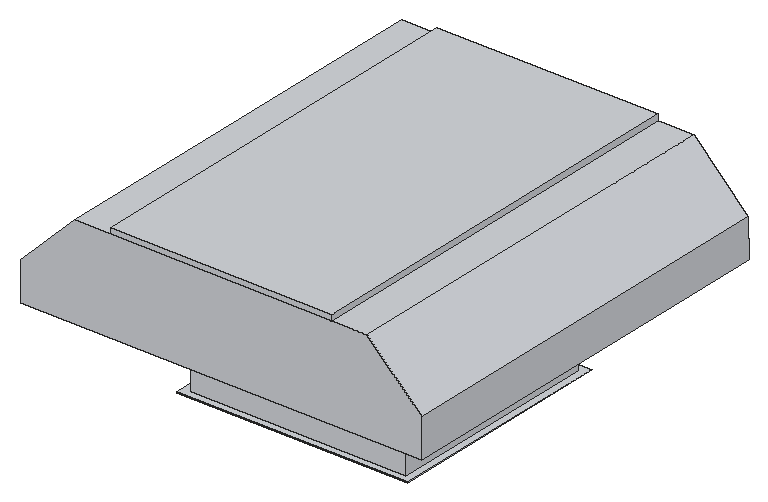
Revit family "HXFM", category Mechanical Equipment, Revit 2019
Family settings
  Round Connector Dimension = Use Diameter
  Part Type = Normal
  OmniClass Number = 23.75.35.17
  OmniClass Title = Fans
  Work Plane-Based = No
  Always vertical = Yes
  Cut with Voids When Loaded = No
  Shared = No
  Room Calculation Point = No
Parameters (values of type "48-HXFM")
  Unit Weight [instance] = ""
  Type_Mark [instance] = ""
  Sones [instance] = ""
  RO/2 = RO / 2  # 27 3/4"
  Motor RPM [instance] = ""
  Motor Enclosure [instance] = ""
  ModelID [instance] = ""
  LwA [instance] = ""
  W/2 = W / 2  # 54 1/2"
  L/2 = L / 2  # 55 1/2"
  RO = T_SQ - 4 1/2"  # 55 1/2"
  T_SQ/2 = T_SQ / 2  # 30"
  Fan RPM [instance] = ""
  T_SQ = 60"
  W = 109"
  L = 111"
  CURB_HEIGHT [instance] = 9 1/2"
  CURB [instance] = yes
  C/2 = C / 2  # 7 3/8"
  C = 14 3/4"
  Brake Hp [instance] = ""
  B/2 = B / 2  # 1 1/2"
  B-.125" = B - 1/8"  # 2 7/8"
  Accessories [instance] = ""
  A-C = A - C  # 29 3/4"
  B = 3"
  A/2 = A / 2  # 22 1/4"
  A-1.5" = A - 1 1/2"  # 43"
  A = 44 1/2"
  4" = 4"  # constant formula
  2' = 24"
  2" = 2"  # constant formula
  1" = 1"  # constant formula
  0 = 0"  # constant formula
  Voltage [instance] = 0 V
  URL = "www.lorencook.com"
  Type Comments = "Hooded Filtered Supply Ventilator Medium-Pressure Steel Propeller Roof Mounted/Belt Drive"  # constant formula
  Static Pressure [instance] = 0.00 in-wg
  Power [instance] = Voltage * Motor FLA * sqrt(if(Phase = 3, 3, 1))  # 0 VA
  Phase [instance] = 0
  Number of Poles [instance] = 1
  Motor Hp [instance] = "0"
  Motor FLA [instance] = 0 A
  Model = "HXFM"  # constant formula
  Manufacturer = "Loren Cook Company"
  CFM [instance] = 0 CFM
  1.5 = 1 1/2"  # constant formula
  ONE EIGTH = 1/8"  # constant formula
  -L/2 = -L / 2  # -55 1/2"
  -(C/2) = -(C / 2)  # -7 3/8"
  -(A/2) = -(A / 2)  # -22 1/4"
  (T_SQ/2)-2" = (T_SQ / 2) - 2"  # 28"
  (T_SQ/2)+.125" = (T_SQ / 2) + 1/8"  # 30 1/8"
  (A-C)/2 = (A - C) / 2  # 14 7/8"
Types (9): name | RO/2 | W/2 | L/2 | RO | T_SQ/2 | T_SQ | W | L | C/2 | C | B/2 | B-.125" | A-C | B | A/2 | A-1.5" | A | -L/2 | -(C/2) | -(A/2) | (T_SQ/2)-2" | (T_SQ/2)+.125" | (A-C)/2
  (no name) | 27 3/4" | 54 1/2" | 55 1/2" | 55 1/2" | 30" | 60" | 109" | 111" | 7 3/8" | 14 3/4" | 1 1/2" | 2 7/8" | 29 3/4" | 3" | 22 1/4" | 43" | 44 1/2" | -55 1/2" | -7 3/8" | -22 1/4" | 28" | 30 1/8" | 14 7/8"
  20-HXFM | 13 3/4" | 29 1/2" | 29 1/2" | 27 1/2" | 16" | 32" | 59" | 59" | 5" | 10" | 1" | 1 7/8" | 18 3/4" | 2" | 14 3/8" | 27 1/4" | 28 3/4" | -29 1/2" | -5" | -14 3/8" | 14" | 16 1/8" | 9 3/8"
  30-HXFM | 18 3/4" | 40" | 40" | 37 1/2" | 21" | 42" | 80" | 80" | 5" | 10" | 1 1/2" | 2 7/8" | 23" | 3" | 16 1/2" | 31 1/2" | 33" | -40" | -5" | -16 1/2" | 19" | 21 1/8" | 11 1/2"
  36-HXFM | 21 3/4" | 45" | 45" | 43 1/2" | 24" | 48" | 90" | 90" | 5" | 10" | 1 1/2" | 2 7/8" | 28" | 3" | 19" | 36 1/2" | 38" | -45" | -5" | -19" | 22" | 24 1/8" | 14"
  42-HXFM | 24 3/4" | 45" | 55" | 49 1/2" | 27" | 54" | 90" | 110" | 6 3/4" | 13 1/2" | 1 1/2" | 2 7/8" | 28" | 3" | 20 3/4" | 40" | 41 1/2" | -55" | -6 3/4" | -20 3/4" | 25" | 27 1/8" | 14"
  48-HXFM | 27 3/4" | 54 1/2" | 55 1/2" | 55 1/2" | 30" | 60" | 109" | 111" | 7 3/8" | 14 3/4" | 1 1/2" | 2 7/8" | 29 3/4" | 3" | 22 1/4" | 43" | 44 1/2" | -55 1/2" | -7 3/8" | -22 1/4" | 28" | 30 1/8" | 14 7/8"
  54-HXFM | 30 3/4" | 59 1/2" | 60 1/2" | 61 1/2" | 33" | 66" | 119" | 121" | 7 3/8" | 14 3/4" | 1 1/2" | 2 7/8" | 29 3/4" | 3" | 22 1/4" | 43" | 44 1/2" | -60 1/2" | -7 3/8" | -22 1/4" | 31" | 33 1/8" | 14 7/8"
  60-HXFM | 33 3/4" | 59 1/2" | 73" | 67 1/2" | 36" | 72" | 119" | 146" | 7 3/8" | 14 3/4" | 1 1/2" | 2 7/8" | 29 3/4" | 3" | 22 1/4" | 43" | 44 1/2" | -73" | -7 3/8" | -22 1/4" | 34" | 36 1/8" | 14 7/8"
  24-HXFM | 15 3/4" | 34 1/2" | 34 1/2" | 31 1/2" | 18" | 36" | 69" | 69" | 5" | 10" | 1 1/2" | 2 7/8" | 20 1/2" | 3" | 15 1/4" | 29" | 30 1/2" | -34 1/2" | -5" | -15 1/4" | 16" | 18 1/8" | 10 1/4"
Reference planes (in)
  plane 1 "Center (Front/Back)": y = 0
  plane 2: z = 0
  plane 3 "Center (Left/Right)": x = 0.40541
Forms (in)
  Extrusion 1, solid
    sketch origin (0, 0, 0) x (1, 0, 0) y (0, 1, 0)
      loop
        line (-29.71959, 30.125) -> (-29.71959, -30.125) -> (30.53041, -30.125) -> (30.53041, 30.125) -> (-29.71959, 30.125)
    from 0 to 3 <- "B"
  Extrusion 2, void
    sketch origin (0, 0, 0) x (1, 0, 0) y (0, 1, 0)
      loop
        line (-29.59459, 30) -> (-29.59459, -30) -> (30.40541, -30) -> (30.40541, 30) -> (-29.59459, 30)
    from 0 to 2.875 <- "B-.125""
  Revolve 3, solid
    sketch origin (0, 0, 0) x (1, 0, 0) y (0, 0, 1)
      loop
        line (0.40541, 3) -> (28.40541, 3)
        arc (28.40541, 3) -> (21.03041, 10.375) -> (28.40541, 17.75) r 7.375
        line (28.40541, 17.75) -> (0.40541, 17.75) -> (0.40541, 3)
      axis (0.40541, 17.75) -> (0.40541, 3)
    angle from 0 to 360
  Extrusion 4, solid
    sketch origin (0, 0, 0) x (1, 0, 0) y (0, 0, 1)
      loop
        line (-54.09459, 17.75) -> (54.90541, 17.75) -> (54.90541, 43) -> (-54.09459, 43) -> (-54.09459, 17.75)
    from -55.5 <- "-L/2" to 55.5 <- "L/2"
  Extrusion 5, solid
    sketch origin (0, 0, 0) x (1, 0, 0) y (0, 0, 1)
      loop
        line (-29.59459, 43) -> (30.40541, 43) -> (30.40541, 44.5) -> (-29.59459, 44.5) -> (-29.59459, 43)
    from 55.5 <- "L/2" to -55.5 <- "-L/2"
  Extrusion 6, void
    sketch origin (0, 0, 0) x (1, 0, 0) y (0, 0, 1)
      loop
        line (40.03041, 43) -> (54.90541, 28.125) -> (54.90541, 43) -> (40.03041, 43)
      loop
        line (-39.21959, 43) -> (-54.09459, 43) -> (-54.09459, 28.125) -> (-39.21959, 43)
    from 55.5 <- "L/2" to -55.5 <- "-L/2"
  Extrusion 7, solid, visible <- "CURB"
    sketch origin (0, 0, 2.875) x (0, 1, 0) y (1, 0, 0)
      loop
        line (27.75, -27.34459) -> (27.75, 28.15541) -> (-27.75, 28.15541) -> (-27.75, -27.34459) -> (27.75, -27.34459)
      loop
        line (-29.25, 29.65541) -> (-29.25, -28.84459) -> (29.25, -28.84459) -> (29.25, 29.65541) -> (-29.25, 29.65541)
    from 0 to 9.5 <- "CURB_HEIGHT"
  Extrusion 8, solid, visible <- "CURB"
    sketch origin (0, 0, -6.625) x (-1, 0, 0) y (0, 1, 0)
      loop
        line (28.84459, -29.25) -> (28.84459, 29.25) -> (-29.65541, 29.25) -> (-29.65541, -29.25) -> (28.84459, -29.25)
      loop
        line (-31.65541, 31.25) -> (-31.65541, -31.25) -> (30.84459, -31.25) -> (30.84459, 31.25) -> (-31.65541, 31.25)
    from 0 to -0.125
Cuts and joins
  Extrusion 2 cuts Extrusion 1
  Extrusion 6 cuts Extrusion 4
  Extrusion 6 cuts Extrusion 5
Dimensions and locks (in)
  "(T_SQ/2)+.125"": Extrusion 1 sketch curve to plane 3 "Center (Left/Right)"
  "(T_SQ/2)+.125"": plane 3 "Center (Left/Right)" to Extrusion 1 sketch curve
  "(T_SQ/2)+.125"": plane 1 "Center (Front/Back)" to Extrusion 1 sketch curve
  "(T_SQ/2)+.125"": Extrusion 1 sketch curve to plane 1 "Center (Front/Back)"
  "T_SQ/2": Extrusion 2 sketch curve to plane 3 "Center (Left/Right)"
  "T_SQ/2": plane 3 "Center (Left/Right)" to Extrusion 2 sketch curve
  "T_SQ/2": plane 1 "Center (Front/Back)" to Extrusion 2 sketch curve
  "T_SQ/2": Extrusion 2 sketch curve to plane 1 "Center (Front/Back)"
  "C": Revolve 3 sketch curve to cut or joined group of Extrusion 1, Extrusion 2
  "(T_SQ/2)-2"": Revolve 3 sketch curve to plane 3 "Center (Left/Right)"
  "0": Revolve 3 sketch curve to plane 3 "Center (Left/Right)"  (x2)
  "0": Revolve 3 sketch curve to cut or joined group of Extrusion 1, Extrusion 2
  "A-1.5"": Extrusion 4 sketch curve to level
  "0": Extrusion 4 sketch curve to Revolve 3
  "W/2": Extrusion 4 sketch curve to plane 3 "Center (Left/Right)"  (x2)
  "0": Extrusion 5 sketch curve to Extrusion 4
  "1.5": Extrusion 5 sketch curve to Extrusion 5 sketch curve
  "T_SQ/2": Extrusion 5 sketch curve to plane 3 "Center (Left/Right)"
  "T_SQ/2": plane 3 "Center (Left/Right)" to Extrusion 5 sketch curve
  "0": Extrusion 6 sketch curve to Extrusion 4  (x3)
  "0": Extrusion 4 to Extrusion 6 sketch curve
  "(A-C)/2": Extrusion 6 sketch curve to Extrusion 6 sketch curve  (x4)
  "1.5": Extrusion 7 sketch curve to Extrusion 7 sketch curve  (x4)
  "RO/2": Extrusion 7 sketch curve to plane 3 "Center (Left/Right)"
  "RO/2": plane 3 "Center (Left/Right)" to Extrusion 7 sketch curve
  "RO/2": plane 1 "Center (Front/Back)" to Extrusion 7 sketch curve
  "RO/2": Extrusion 7 sketch curve to plane 1 "Center (Front/Back)"
  "2"": Extrusion 8 sketch curve to Extrusion 8 sketch curve  (x4)
  "0": Extrusion 7 to Extrusion 8 sketch curve
  "0": Extrusion 8 sketch curve to Extrusion 7  (x3)
Automatic sketch dimensions
  Revolve 3 sketch curve to level = 4"
  Revolve 3 sketch curve to Revolve 3 sketch curve = 0"
Connectors (in)
  hvac at (0.40541, 0, 2.875), driven by "RO", driven by "RO", driven by "CFM"
    settings: on cut or joined group of Extrusion 1, Extrusion 2, index 1, duct flow 0 CFM, flow factor 0, pres drop 0.00 in-wg, loss coef 0, conn angle 0.00°, conn width 55 1/2", conn height 55 1/2", conn diameter 24", duct sys type 1, conn prof type 1, flow config 0, flow direction 2, loss method 0, conn ref index -1, conn util no, is conn primary yes, conn desc ""
  electrical at (0.40541, 0, 2.875)
    settings: on cut or joined group of Extrusion 1, Extrusion 2, index 2, voltage 0 V, apparent load 0 VA, apparent load phase1 0 VA, apparent load phase2 0 VA, apparent load phase3 0 VA, power factor 1, load classification "Other", number of poles 1, system type 30, power factor state 1, is connector primary yes, connector utility no, sub classification motor no, connector description ""
